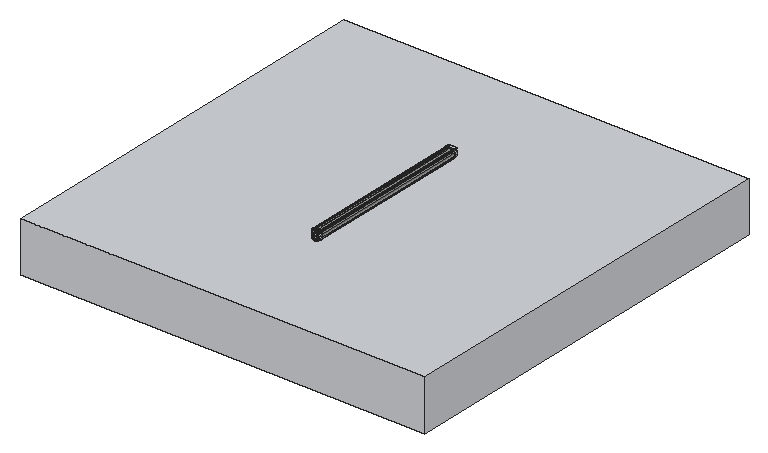
Revit family "L-trade_body", category Обобщенные модели, Revit 2017
Family settings
  Основа = Грань
  Может служить основой для арматурных стержней = Нет
  Размер круглого соединителя = Использовать диаметр
  Тип детали = Нормальный
  При загрузке вырезать с полостями = Нет
  Общий = Нет
  Точка расчета площади = Нет
Parameters
  Тип торцевой крышки = Trade Easy Lock : Trade Easy Lock
  Расстояние от светильника до плоскости = 55.991 mm
  Default Elevation = 1219.2 mm
  Начало выдавливания = Длина профиля / 2 * (-1)  # -500 mm
  Конец выдавливания = Длина профиля / 2  # 500 mm
  Длина профиля = 1000 mm
Reference planes
  plane 1 "По центру (Вперед/Назад)": y = 0
  plane 2: z = 0
  plane 3 "По центру (Влево/Вправо)": x = 0
  plane 4 "Плоскость расположения светильника": z = 55.991
Forms (mm)
  Extrusion 1, solid
    sketch origin (0, 0, 0) x (1, 0, 0) y (0, 1, 0)
      loop
        line (-1219.2, 1219.2) -> (-1219.2, -1219.2) -> (1219.2, -1219.2) -> (1219.2, 1219.2) -> (-1219.2, 1219.2)
    from 0 to -304.8
  Extrusion 2, solid, material "Алюминий"
    sketch origin (-0.012, 0, 76.46) x (0, 0, 1) y (1, 0, 0)
      loop
        arc (-59.25, -24.005) -> (-52.269, -20.15) -> (-45.287, -24.005) r 8.25
        arc (-45.287, -24.005) -> (-39.588, -21.546) -> (-34.671, -17.758) r 25
        arc (-34.671, -17.758) -> (-33.593, -19.381) -> (-31.769, -20) r 3
        line (-31.769, -20) -> (-31.747, -18.485)
        arc (-31.747, -18.485) -> (-32.827, -15.957) -> (-30.283, -17) r 1.486
        line (-30.283, -17) -> (-28.946, -18.017)
        arc (-28.946, -18.017) -> (-28.836, -17.633) -> (-28.778, -17.238) r 3
        arc (-28.778, -17.238) -> (-28.264, -17.566) -> (-27.736, -17.872) r 15
        arc (-27.736, -17.872) -> (-28.629, -21.6) -> (-25.469, -23.771) r 3.385
        line (-25.469, -23.771) -> (-20.469, -23.771) -> (-20.469, -21.96) -> (-20.469, -18.959) -> (-21.47, -18.959) -> (-21.47, -21.96) -> (-25.469, -21.96)
        arc (-25.469, -21.96) -> (-26.945, -20.195) -> (-24.946, -19.054) r 1.5
        line (-24.946, -19.054) -> (-24.946, -17.462)
        arc (-24.946, -17.462) -> (-28.28, -15.733) -> (-31.007, -13.151) r 13.477
        arc (-31.007, -13.151) -> (-31.597, -12.352) -> (-32.126, -11.512) r 13.477
        arc (-32.126, -11.512) -> (-33.542, -8.026) -> (-33.938, -4.283) r 13.477
        line (-33.938, -4.283) -> (-34.93, -4.283) -> (-34.93, -5.255) -> (-36.043, -5.255) -> (-36.043, 0) -> (-36.043, 5.255) -> (-34.93, 5.255) -> (-34.93, 4.283) -> (-33.938, 4.283)
        arc (-33.938, 4.283) -> (-33.542, 8.026) -> (-32.126, 11.512) r 13.477
        arc (-32.126, 11.512) -> (-31.597, 12.352) -> (-31.007, 13.151) r 13.477
        arc (-31.007, 13.151) -> (-28.28, 15.733) -> (-24.946, 17.462) r 13.477
        line (-24.946, 17.462) -> (-24.946, 19.054)
        arc (-24.946, 19.054) -> (-26.945, 20.195) -> (-25.469, 21.96) r 1.5
        line (-25.469, 21.96) -> (-21.47, 21.96) -> (-21.47, 18.959) -> (-20.469, 18.959) -> (-20.469, 21.96) -> (-20.469, 23.771) -> (-25.469, 23.771)
        arc (-25.469, 23.771) -> (-28.629, 21.6) -> (-27.736, 17.872) r 3.385
        arc (-27.736, 17.872) -> (-28.264, 17.566) -> (-28.778, 17.238) r 15
        arc (-28.778, 17.238) -> (-28.836, 17.633) -> (-28.946, 18.017) r 3
        line (-28.946, 18.017) -> (-30.283, 17)
        arc (-30.283, 17) -> (-32.819, 15.949) -> (-31.769, 18.486) r 1.486
        line (-31.769, 18.486) -> (-31.769, 20)
        arc (-31.769, 20) -> (-33.603, 19.374) -> (-34.671, 17.758) r 3
        arc (-34.671, 17.758) -> (-39.588, 21.546) -> (-45.287, 24.005) r 25
        arc (-45.287, 24.005) -> (-52.269, 20.15) -> (-59.25, 24.005) r 8.25
        arc (-59.25, 24.005) -> (-64.079, 22.034) -> (-68.395, 19.104) r 25
        line (-68.395, 19.104) -> (-69.102, 17.807)
        arc (-69.102, 17.807) -> (-68.597, 17.356) -> (-68.344, 16.728) r 1.489
        arc (-68.344, 16.728) -> (-68.731, 15.48) -> (-69.953, 15.017) r 1.489
        arc (-69.953, 15.017) -> (-71.216, 15.994) -> (-70.869, 17.553) r 1.489
        line (-70.869, 17.553) -> (-71.913, 18.598)
        arc (-71.913, 18.598) -> (-72.763, 16.832) -> (-72.327, 14.922) r 2.966
        arc (-72.327, 14.922) -> (-75.219, 9.913) -> (-76.883, 4.375) r 25
        line (-76.883, 4.375) -> (-76.883, 2.61) -> (-75.101, 2.61) -> (-75.101, 4.112) -> (-71.169, 4.112) -> (-71.169, 0) -> (-71.169, -4.112) -> (-75.101, -4.112) -> (-75.101, -2.61) -> (-76.883, -2.61) -> (-76.883, -4.375)
        arc (-76.883, -4.375) -> (-75.219, -9.913) -> (-72.327, -14.922) r 25
        arc (-72.327, -14.922) -> (-72.763, -16.832) -> (-71.913, -18.598) r 2.966
        line (-71.913, -18.598) -> (-70.869, -17.553)
        arc (-70.869, -17.553) -> (-71.216, -15.994) -> (-69.953, -15.017) r 1.489
        arc (-69.953, -15.017) -> (-68.731, -15.48) -> (-68.344, -16.728) r 1.489
        arc (-68.344, -16.728) -> (-68.597, -17.356) -> (-69.102, -17.807) r 1.489
        line (-69.102, -17.807) -> (-68.395, -19.104)
        arc (-68.395, -19.104) -> (-64.079, -22.034) -> (-59.25, -24.005) r 25
      loop
        arc (-59.931, -21.898) -> (-52.269, -18.35) -> (-44.606, -21.898) r 10.05
        arc (-44.606, -21.898) -> (-38.092, -18.365) -> (-33.024, -12.957) r 23.2
        arc (-33.024, -12.957) -> (-34.527, -9.982) -> (-35.335, -6.748) r 15
        line (-35.335, -6.748) -> (-37.561, -6.748) -> (-37.561, 0) -> (-37.561, 6.748) -> (-35.335, 6.748)
        arc (-35.335, 6.748) -> (-34.527, 9.982) -> (-33.024, 12.957) r 15
        arc (-33.024, 12.957) -> (-38.092, 18.365) -> (-44.606, 21.898) r 23.2
        arc (-44.606, 21.898) -> (-52.269, 18.35) -> (-59.931, 21.898) r 10.05
        arc (-59.931, 21.898) -> (-63.725, 20.174) -> (-67.149, 17.799) r 23.2
        arc (-67.149, 17.799) -> (-67.655, 14.468) -> (-70.949, 13.759) r 2.966
        arc (-70.949, 13.759) -> (-73.267, 9.864) -> (-74.784, 5.594) r 23.2
        line (-74.784, 5.594) -> (-69.669, 5.594) -> (-69.669, 0) -> (-69.669, -5.594) -> (-74.784, -5.594)
        arc (-74.784, -5.594) -> (-73.267, -9.864) -> (-70.949, -13.759) r 23.2
        arc (-70.949, -13.759) -> (-67.655, -14.468) -> (-67.149, -17.799) r 2.966
        arc (-67.149, -17.799) -> (-63.725, -20.174) -> (-59.931, -21.898) r 23.2
    from -500 <- "Начало выдавливания" to 500 <- "Конец выдавливания"
  Extrusion 3, solid, material "Стекло, прозрачное остекление"
    sketch origin (-0.012, 0.083, 76.46) x (-1, 0, 0) y (0, 0, -1)
      loop
        line (21.96, 21.47) -> (21.96, 24.47) -> (-21.96, 24.47) -> (-21.96, 21.47) -> (21.96, 21.47)
    from -500 <- "Начало выдавливания" to 500 <- "Конец выдавливания"
Dimensions and locks
  "Расстояние от светильника до плоскости": plane 4 "Плоскость расположения светильника" to Extrusion 1
  aligned and locked: plane 2 to Extrusion 1
  aligned and locked: level to Extrusion 1
Automatic sketch dimensions
  Extrusion 1 sketch curve to Extrusion 1 sketch curve = 2438.4 mm  (x2)
  Extrusion 2 sketch curve to Extrusion 2 sketch curve = 0 mm  (x233)
  Extrusion 2 sketch curve to plane 4 "Плоскость расположения светильника" = 0 mm  (x4)
  Extrusion 2 sketch curve to Extrusion 2 sketch curve = 1.002 mm
  Extrusion 2 sketch curve to plane 4 "Плоскость расположения светильника" = 1.002 mm
  Extrusion 2 sketch curve to Extrusion 2 sketch curve = 3.475 mm  (x2)
  Extrusion 2 sketch curve to Extrusion 2 sketch curve = 0.523 mm  (x2)
  Extrusion 2 sketch curve to Extrusion 2 sketch curve = 4.001 mm  (x2)
  Extrusion 2 sketch curve to Extrusion 2 sketch curve = 1.337 mm  (x2)
  Extrusion 2 sketch curve to Extrusion 2 sketch curve = 1.486 mm  (x2)
  plane 3 "По центру (Влево/Вправо)" to Extrusion 2 sketch curve = 4.272 mm
  Extrusion 2 sketch curve to Extrusion 2 sketch curve = 2.169 mm
  Extrusion 2 sketch curve to plane 3 "По центру (Влево/Вправо)" = 4.295 mm
  Extrusion 2 sketch curve to Extrusion 2 sketch curve = 0.992 mm  (x2)
  Extrusion 2 sketch curve to Extrusion 2 sketch curve = 0.405 mm  (x2)
  Extrusion 2 sketch curve to Extrusion 2 sketch curve = 1.113 mm
  Extrusion 2 sketch curve to Extrusion 2 sketch curve = 1.518 mm
  Extrusion 2 sketch curve to plane 3 "По центру (Влево/Вправо)" = 0.012 mm  (x5)
  Extrusion 2 sketch curve to Extrusion 2 sketch curve = 14.707 mm
  Extrusion 2 sketch curve to Extrusion 2 sketch curve = 20.5 mm  (x2)
  Extrusion 2 sketch curve to Extrusion 2 sketch curve = 16.126 mm  (x2)
  Extrusion 2 sketch curve to Extrusion 2 sketch curve = 0.708 mm  (x2)
  plane 3 "По центру (Влево/Вправо)" to Extrusion 2 sketch curve = 5.582 mm
  Extrusion 2 sketch curve to Extrusion 2 sketch curve = 0.566 mm
  Extrusion 2 sketch curve to Extrusion 2 sketch curve = 0.713 mm  (x2)
  Extrusion 2 sketch curve to Extrusion 2 sketch curve = 1.053 mm  (x3)
  Extrusion 2 sketch curve to Extrusion 2 sketch curve = 1.5 mm
  Extrusion 2 sketch curve to Extrusion 2 sketch curve = 1.045 mm  (x4)
  Extrusion 2 sketch curve to plane 3 "По центру (Влево/Вправо)" = 18.609 mm
  Extrusion 2 sketch curve to Extrusion 2 sketch curve = 3.615 mm  (x2)
  Extrusion 2 sketch curve to Extrusion 2 sketch curve = 0.317 mm  (x2)
  Extrusion 2 sketch curve to Extrusion 2 sketch curve = 1.782 mm  (x2)
  Extrusion 2 sketch curve to plane 3 "По центру (Влево/Вправо)" = 18.971 mm
  Extrusion 2 sketch curve to Extrusion 2 sketch curve = 0.095 mm
  Extrusion 2 sketch curve to Extrusion 2 sketch curve = 0.506 mm
  Extrusion 2 sketch curve to Extrusion 2 sketch curve = 1.331 mm  (x2)
  Extrusion 2 sketch curve to Extrusion 2 sketch curve = 0.075 mm  (x2)
  Extrusion 2 sketch curve to Extrusion 2 sketch curve = 1.81 mm  (x2)
  Extrusion 2 sketch curve to Extrusion 2 sketch curve = 9.296 mm  (x2)
  Extrusion 2 sketch curve to Extrusion 2 sketch curve = 1.037 mm
  Extrusion 2 sketch curve to Extrusion 2 sketch curve = 1.297 mm  (x2)
  Extrusion 2 sketch curve to Extrusion 2 sketch curve = 1.593 mm  (x2)
  Extrusion 2 sketch curve to Extrusion 2 sketch curve = 1.017 mm  (x2)
  Extrusion 2 sketch curve to Extrusion 2 sketch curve = 2.464 mm
  Extrusion 2 sketch curve to plane 3 "По центру (Влево/Вправо)" = 5.606 mm
  Extrusion 2 sketch curve to Extrusion 2 sketch curve = 0.971 mm  (x2)
  Extrusion 2 sketch curve to Extrusion 2 sketch curve = 1.219 mm
  Extrusion 2 sketch curve to Extrusion 2 sketch curve = 1.482 mm  (x2)
  Extrusion 2 sketch curve to Extrusion 2 sketch curve = 1.502 mm
  plane 3 "По центру (Влево/Вправо)" to Extrusion 2 sketch curve = 2.598 mm
  Extrusion 2 sketch curve to Extrusion 2 sketch curve = 1.765 mm
  plane 3 "По центру (Влево/Вправо)" to Extrusion 2 sketch curve = 4.738 mm
  Extrusion 2 sketch curve to Extrusion 2 sketch curve = 1.493 mm
  Extrusion 2 sketch curve to Extrusion 2 sketch curve = 10.906 mm
  Extrusion 2 sketch curve to Extrusion 2 sketch curve = 0.462 mm
  Extrusion 2 sketch curve to Extrusion 2 sketch curve = 1.497 mm
  Extrusion 2 sketch curve to Extrusion 2 sketch curve = 1.514 mm
  Extrusion 2 sketch curve to Extrusion 2 sketch curve = 1.21 mm  (x2)
  Extrusion 2 sketch curve to Extrusion 2 sketch curve = 0.724 mm  (x2)
  Extrusion 2 sketch curve to Extrusion 2 sketch curve = 0.024 mm  (x2)
  Extrusion 2 sketch curve to Extrusion 2 sketch curve = 0.021 mm
  Extrusion 2 sketch curve to Extrusion 2 sketch curve = 1.119 mm  (x2)
  Extrusion 2 sketch curve to Extrusion 2 sketch curve = 0.898 mm  (x2)
  Extrusion 2 sketch curve to Extrusion 2 sketch curve = 2.903 mm  (x2)
  Extrusion 2 sketch curve to Extrusion 2 sketch curve = 7.663 mm  (x2)
  Extrusion 2 sketch curve to Extrusion 2 sketch curve = 0.681 mm  (x4)
  Extrusion 2 sketch curve to Extrusion 2 sketch curve = 6.982 mm
  Extrusion 2 sketch curve to Extrusion 2 sketch curve = 1.246 mm  (x2)
  Extrusion 2 sketch curve to Extrusion 2 sketch curve = 0.758 mm  (x2)
  Extrusion 2 sketch curve to Extrusion 2 sketch curve = 0.137 mm  (x2)
  Extrusion 3 sketch curve to plane 4 "Плоскость расположения светильника" = 1.002 mm
  plane 3 "По центру (Влево/Вправо)" to Extrusion 3 sketch curve = 21.949 mm
  Extrusion 3 sketch curve to plane 4 "Плоскость расположения светильника" = 4.002 mm
  Extrusion 3 sketch curve to plane 3 "По центру (Влево/Вправо)" = 21.972 mm
Nested families
  nested 1: "Trade Easy Lock" at (0.555, 0.024, 0), type <- "Тип торцевой крышки", type "Trade Easy Lock"
    with Начало профиля 500 mm, Конец профиля 500 mm, Длина профиля 1000 mm
  nested 2: "Trade Easy Lock" at (0.452, 0, 0), type <- "Тип торцевой крышки", type "Trade Easy Lock"
    with Начало профиля 500 mm, Конец профиля 500 mm, Длина профиля 1000 mm
Definition of nested family "Trade Easy Lock"
  Parameters (values of type "Trade Easy Lock")
    Расстояние до плоскости = 55.991 mm
    Default Elevation = 1219.2 mm
    Начало профиля = 249.976 mm
    Конец профиля = Начало профиля  # 249.976 mm
    Длина профиля = Начало профиля * 2  # 499.952 mm
  Reference planes
    plane 1 "По центру (Вперед/Назад)": y = 0
    plane 2: z = 0
    plane 3 "По центру (Влево/Вправо)": x = 0
    plane 4 "Плоскость светильника": z = 55.991
  Forms (mm)
    Extrusion 1, solid
      sketch origin (0, 0, 0) x (1, 0, 0) y (0, 1, 0)
        loop
          line (-1219.2, 1219.2) -> (-1219.2, -1219.2) -> (1219.2, -1219.2) -> (1219.2, 1219.2) -> (-1219.2, 1219.2)
      from 0 to -304.8
    Extrusion 2, solid
      sketch origin (-19.367, -249.976, 55.991) x (1, 0, 0) y (0, 0, 1)
        loop
          arc (33.722, -51.859) -> (35.632, -52.295) -> (37.398, -51.445) r 2.966
          arc (37.398, -51.445) -> (38.236, -49.77) -> (37.904, -47.926) r 2.966
          arc (37.904, -47.926) -> (40.834, -43.611) -> (42.805, -38.782) r 25
          arc (42.805, -38.782) -> (38.95, -31.8) -> (42.805, -24.818) r 8.25
          arc (42.805, -24.818) -> (40.346, -19.12) -> (36.558, -14.203) r 25
          arc (36.558, -14.203) -> (38.174, -13.134) -> (38.8, -11.3) r 3
          arc (38.8, -11.3) -> (38.255, -9.575) -> (36.817, -8.478) r 3
          arc (36.817, -8.478) -> (36.433, -8.368) -> (36.038, -8.309) r 3
          arc (36.038, -8.309) -> (36.366, -7.795) -> (36.672, -7.268) r 15
          arc (36.672, -7.268) -> (40.4, -8.16) -> (42.571, -5) r 3.385
          line (42.571, -5) -> (42.571, 0) -> (40.76, 0) -> (37.759, 0) -> (-0.159, 0) -> (-3.16, 0) -> (-4.971, 0) -> (-4.971, -5)
          arc (-4.971, -5) -> (-2.8, -8.16) -> (0.928, -7.268) r 3.385
          arc (0.928, -7.268) -> (1.234, -7.795) -> (1.562, -8.309) r 15
          arc (1.562, -8.309) -> (1.167, -8.368) -> (0.783, -8.478) r 3
          arc (0.783, -8.478) -> (-0.655, -9.575) -> (-1.2, -11.3) r 3
          arc (-1.2, -11.3) -> (-0.574, -13.134) -> (1.042, -14.203) r 3
          arc (1.042, -14.203) -> (-2.746, -19.12) -> (-5.205, -24.818) r 25
          arc (-5.205, -24.818) -> (-1.35, -31.8) -> (-5.205, -38.782) r 8.25
          arc (-5.205, -38.782) -> (-3.234, -43.611) -> (-0.304, -47.926) r 25
          arc (-0.304, -47.926) -> (-0.636, -49.77) -> (0.202, -51.445) r 2.966
          arc (0.202, -51.445) -> (1.968, -52.295) -> (3.878, -51.859) r 2.966
          arc (3.878, -51.859) -> (9.009, -54.803) -> (14.688, -56.46) r 25
          line (14.688, -56.46) -> (14.688, -50.7) -> (18.8, -50.7) -> (22.912, -50.7) -> (22.912, -56.46)
          arc (22.912, -56.46) -> (28.591, -54.803) -> (33.722, -51.859) r 25
      from 0 to 1.5
    Extrusion 3, solid
      sketch origin (18.233, 249.976, 55.991) x (-1, 0, 0) y (0, 0, 1)
        loop
          arc (3.884, -51.859) -> (9.014, -54.803) -> (14.693, -56.46) r 25
          line (14.693, -56.46) -> (14.693, -50.7) -> (18.805, -50.7) -> (22.917, -50.7) -> (22.917, -56.46)
          arc (22.917, -56.46) -> (28.596, -54.803) -> (33.727, -51.859) r 25
          arc (33.727, -51.859) -> (35.637, -52.295) -> (37.403, -51.445) r 2.966
          arc (37.403, -51.445) -> (38.241, -49.77) -> (37.909, -47.926) r 2.966
          arc (37.909, -47.926) -> (40.839, -43.611) -> (42.81, -38.782) r 25
          arc (42.81, -38.782) -> (38.955, -31.8) -> (42.81, -24.818) r 8.25
          arc (42.81, -24.818) -> (40.351, -19.12) -> (36.563, -14.203) r 25
          arc (36.563, -14.203) -> (38.179, -13.134) -> (38.805, -11.3) r 3
          arc (38.805, -11.3) -> (38.26, -9.575) -> (36.822, -8.478) r 3
          arc (36.822, -8.478) -> (36.438, -8.368) -> (36.043, -8.309) r 3
          arc (36.043, -8.309) -> (36.371, -7.795) -> (36.677, -7.268) r 15
          arc (36.677, -7.268) -> (40.405, -8.16) -> (42.576, -5) r 3.385
          line (42.576, -5) -> (42.576, 0) -> (40.765, 0) -> (37.764, 0) -> (-0.154, 0) -> (-3.155, 0) -> (-4.966, 0) -> (-4.966, -5)
          arc (-4.966, -5) -> (-2.795, -8.16) -> (0.933, -7.268) r 3.385
          arc (0.933, -7.268) -> (1.239, -7.795) -> (1.567, -8.309) r 15
          arc (1.567, -8.309) -> (1.172, -8.368) -> (0.788, -8.478) r 3
          arc (0.788, -8.478) -> (-0.65, -9.575) -> (-1.195, -11.3) r 3
          arc (-1.195, -11.3) -> (-0.569, -13.134) -> (1.047, -14.203) r 3
          arc (1.047, -14.203) -> (-2.741, -19.12) -> (-5.2, -24.818) r 25
          arc (-5.2, -24.818) -> (-1.345, -31.8) -> (-5.2, -38.782) r 8.25
          arc (-5.2, -38.782) -> (-3.229, -43.611) -> (-0.299, -47.926) r 25
          arc (-0.299, -47.926) -> (-0.631, -49.77) -> (0.207, -51.445) r 2.966
          arc (0.207, -51.445) -> (1.973, -52.295) -> (3.884, -51.859) r 2.966
      from 0 to 1.5
    Extrusion 4, solid
      sketch origin (0, -398.223, 55.991) x (0, -1, 0) y (1, 0, 0)
        loop
          line (-154.747, 18.233) -> (-154.747, -19.367) -> (-148.247, -19.367) -> (-148.247, 18.233) -> (-154.747, 18.233)
        loop
          line (-648.199, -19.367) -> (-641.699, -19.367) -> (-641.699, 18.233) -> (-648.199, 18.233) -> (-648.199, -19.367)
      from 0 to -1
    Extrusion 5, solid
      sketch origin (-19.367, -251.476, 55.991) x (1, 0, 0) y (0, 0, 1)
        loop
          line (14.683, -50.7) -> (18.795, -50.7) -> (22.907, -50.7) -> (22.907, -56.46)
          arc (22.907, -56.46) -> (28.586, -54.803) -> (33.716, -51.859) r 25
          arc (33.716, -51.859) -> (33.841, -47.801) -> (37.899, -47.926) r 2.87
          arc (37.899, -47.926) -> (40.829, -43.611) -> (42.8, -38.782) r 25
          arc (42.8, -38.782) -> (38.945, -31.8) -> (42.8, -24.818) r 8.25
          arc (42.8, -24.818) -> (40.341, -19.12) -> (36.553, -14.203) r 25
          arc (36.553, -14.203) -> (35.866, -10.39) -> (39.18, -8.385) r 3.418
          arc (39.18, -8.385) -> (41.574, -7.394) -> (42.566, -5) r 3.385
          line (42.566, -5) -> (42.566, 0) -> (40.755, 0) -> (18.795, 0) -> (-3.165, 0) -> (-4.976, 0) -> (-4.976, -5)
          arc (-4.976, -5) -> (-3.984, -7.394) -> (-1.59, -8.385) r 3.385
          arc (-1.59, -8.385) -> (1.724, -10.39) -> (1.037, -14.203) r 3.418
          arc (1.037, -14.203) -> (-2.751, -19.12) -> (-5.21, -24.818) r 25
          arc (-5.21, -24.818) -> (-1.355, -31.8) -> (-5.21, -38.782) r 8.25
          arc (-5.21, -38.782) -> (-3.239, -43.611) -> (-0.309, -47.926) r 25
          arc (-0.309, -47.926) -> (3.749, -47.801) -> (3.873, -51.859) r 2.87
          arc (3.873, -51.859) -> (9.004, -54.803) -> (14.683, -56.46) r 25
          line (14.683, -56.46) -> (14.683, -50.7)
      from 0 to 18
    Extrusion 6, solid
      sketch origin (18.233, 251.476, 55.991) x (-1, 0, 0) y (0, 0, 1)
        loop
          line (22.808, -50.7) -> (22.808, -56.46)
          arc (22.808, -56.46) -> (28.487, -54.803) -> (33.618, -51.859) r 25
          arc (33.618, -51.859) -> (33.743, -47.801) -> (37.8, -47.926) r 2.87
          arc (37.8, -47.926) -> (40.731, -43.611) -> (42.702, -38.782) r 25
          arc (42.702, -38.782) -> (38.847, -31.8) -> (42.702, -24.818) r 8.25
          arc (42.702, -24.818) -> (40.242, -19.12) -> (36.454, -14.203) r 25
          arc (36.454, -14.203) -> (35.767, -10.39) -> (39.082, -8.385) r 3.418
          arc (39.082, -8.385) -> (41.476, -7.394) -> (42.467, -5) r 3.385
          line (42.467, -5) -> (42.467, 0) -> (40.657, 0) -> (18.696, 0) -> (-3.264, 0) -> (-5.074, 0) -> (-5.074, -5)
          arc (-5.074, -5) -> (-4.083, -7.394) -> (-1.689, -8.385) r 3.385
          arc (-1.689, -8.385) -> (1.626, -10.39) -> (0.939, -14.203) r 3.418
          arc (0.939, -14.203) -> (-2.849, -19.12) -> (-5.309, -24.818) r 25
          arc (-5.309, -24.818) -> (-1.454, -31.8) -> (-5.309, -38.782) r 8.25
          arc (-5.309, -38.782) -> (-3.338, -43.611) -> (-0.407, -47.926) r 25
          arc (-0.407, -47.926) -> (3.65, -47.801) -> (3.775, -51.859) r 2.87
          arc (3.775, -51.859) -> (8.906, -54.803) -> (14.585, -56.46) r 25
          line (14.585, -56.46) -> (14.585, -50.7) -> (18.696, -50.7) -> (22.808, -50.7)
      from 0 to 18
    Extrusion 7, void
      sketch origin (-19.367, -269.476, 55.991) x (-1, 0, 0) y (0, 0, 1)
        loop
          line (-24.215, -49.573) -> (-18.904, -49.573) -> (-13.592, -49.573) -> (-13.592, -55.073)
          arc (-13.592, -55.073) -> (-9.442, -53.712) -> (-5.612, -51.616) r 23.8
          arc (-5.612, -51.616) -> (-4.679, -47) -> (-0.015, -46.353) r 4.07
          arc (-0.015, -46.353) -> (2.136, -43) -> (3.697, -39.334) r 23.8
          arc (3.697, -39.334) -> (0.047, -31.873) -> (3.697, -24.413) r 9.45
          arc (3.697, -24.413) -> (1.388, -19.437) -> (-1.998, -15.121) r 23.8
          arc (-1.998, -15.121) -> (-2.935, -9.989) -> (1.511, -7.259) r 4.618
          arc (1.511, -7.259) -> (3.037, -6.609) -> (3.667, -5.073) r 2.185
          line (3.667, -5.073) -> (3.667, -1.273) -> (-18.904, -1.273) -> (-41.474, -1.273) -> (-41.474, -5.073)
          arc (-41.474, -5.073) -> (-40.844, -6.609) -> (-39.318, -7.259) r 2.185
          arc (-39.318, -7.259) -> (-34.872, -9.989) -> (-35.809, -15.121) r 4.618
          arc (-35.809, -15.121) -> (-39.196, -19.437) -> (-41.504, -24.413) r 23.8
          arc (-41.504, -24.413) -> (-37.854, -31.873) -> (-41.504, -39.334) r 9.45
          arc (-41.504, -39.334) -> (-39.943, -43) -> (-37.792, -46.353) r 23.8
          arc (-37.792, -46.353) -> (-33.128, -47) -> (-32.195, -51.616) r 4.07
          arc (-32.195, -51.616) -> (-28.365, -53.712) -> (-24.215, -55.073) r 23.8
          line (-24.215, -55.073) -> (-24.215, -49.573)
        loop
          line (-18.904, -19.373) -> (-28.304, -19.373)
          arc (-28.304, -19.373) -> (-31.839, -20.838) -> (-33.304, -24.373) r 5
          line (-33.304, -24.373) -> (-33.304, -31.213)
          arc (-33.304, -31.213) -> (-32.96, -32.942) -> (-31.98, -34.407) r 4.518
          line (-31.98, -34.407) -> (-27.334, -39.054)
          arc (-27.334, -39.054) -> (-25.872, -40.03) -> (-24.148, -40.373) r 4.506
          line (-24.148, -40.373) -> (-18.904, -40.373) -> (-13.659, -40.373)
          arc (-13.659, -40.373) -> (-11.935, -40.03) -> (-10.473, -39.054) r 4.506
          line (-10.473, -39.054) -> (-5.827, -34.407)
          arc (-5.827, -34.407) -> (-4.847, -32.942) -> (-4.504, -31.213) r 4.518
          line (-4.504, -31.213) -> (-4.504, -24.373)
          arc (-4.504, -24.373) -> (-5.968, -20.838) -> (-9.504, -19.373) r 5
          line (-9.504, -19.373) -> (-18.904, -19.373)
        loop
          line (-24.579, -30.813) -> (-24.579, -25.813) -> (-27.035, -25.813) -> (-27.035, -30.813) -> (-24.579, -30.813)
        loop
          line (-20.107, -34.85) -> (-17.651, -34.85) -> (-17.651, -29.85) -> (-20.107, -29.85) -> (-20.107, -34.85)
        loop
          line (-13.179, -30.813) -> (-10.723, -30.813) -> (-10.723, -25.813) -> (-13.179, -25.813) -> (-13.179, -30.813)
      from 0 to 15
    Extrusion 8, void
      sketch origin (18.233, 269.476, 55.991) x (1, 0, 0) y (0, 0, 1)
        loop
          line (-13.385, -49.321) -> (-13.385, -54.82)
          arc (-13.385, -54.82) -> (-9.235, -53.459) -> (-5.405, -51.363) r 23.8
          arc (-5.405, -51.363) -> (-4.472, -46.748) -> (0.192, -46.101) r 4.07
          arc (0.192, -46.101) -> (2.343, -42.747) -> (3.904, -39.081) r 23.8
          arc (3.904, -39.081) -> (0.254, -31.621) -> (3.904, -24.16) r 9.45
          arc (3.904, -24.16) -> (1.596, -19.184) -> (-1.791, -14.868) r 23.8
          arc (-1.791, -14.868) -> (-2.728, -9.736) -> (1.718, -7.006) r 4.618
          arc (1.718, -7.006) -> (3.244, -6.356) -> (3.874, -4.821) r 2.185
          line (3.874, -4.821) -> (3.874, -1.021) -> (-18.696, -1.021) -> (-41.267, -1.021) -> (-41.267, -4.821)
          arc (-41.267, -4.821) -> (-40.637, -6.356) -> (-39.111, -7.006) r 2.185
          arc (-39.111, -7.006) -> (-34.665, -9.736) -> (-35.602, -14.868) r 4.618
          arc (-35.602, -14.868) -> (-38.988, -19.184) -> (-41.297, -24.16) r 23.8
          arc (-41.297, -24.16) -> (-37.647, -31.621) -> (-41.297, -39.081) r 9.45
          arc (-41.297, -39.081) -> (-39.736, -42.747) -> (-37.585, -46.101) r 23.8
          arc (-37.585, -46.101) -> (-32.921, -46.748) -> (-31.988, -51.363) r 4.07
          arc (-31.988, -51.363) -> (-28.158, -53.459) -> (-24.008, -54.82) r 23.8
          line (-24.008, -54.82) -> (-24.008, -49.321) -> (-18.696, -49.321) -> (-13.385, -49.321)
        loop
          line (-18.696, -19.121) -> (-28.096, -19.121)
          arc (-28.096, -19.121) -> (-31.632, -20.585) -> (-33.096, -24.121) r 5
          line (-33.096, -24.121) -> (-33.096, -30.96)
          arc (-33.096, -30.96) -> (-32.753, -32.689) -> (-31.773, -34.155) r 4.518
          line (-31.773, -34.155) -> (-27.127, -38.801)
          arc (-27.127, -38.801) -> (-25.665, -39.778) -> (-23.941, -40.121) r 4.506
          line (-23.941, -40.121) -> (-18.696, -40.121) -> (-13.452, -40.121)
          arc (-13.452, -40.121) -> (-11.728, -39.778) -> (-10.266, -38.801) r 4.506
          line (-10.266, -38.801) -> (-5.62, -34.155)
          arc (-5.62, -34.155) -> (-4.64, -32.689) -> (-4.296, -30.96) r 4.518
          line (-4.296, -30.96) -> (-4.296, -24.121)
          arc (-4.296, -24.121) -> (-5.761, -20.585) -> (-9.296, -19.121) r 5
          line (-9.296, -19.121) -> (-18.696, -19.121)
        loop
          line (-13.021, -30.56) -> (-10.565, -30.56) -> (-10.565, -25.56) -> (-13.021, -25.56) -> (-13.021, -30.56)
        loop
          line (-17.493, -34.597) -> (-17.493, -29.597) -> (-19.949, -29.597) -> (-19.949, -34.597) -> (-17.493, -34.597)
        loop
          line (-24.421, -30.56) -> (-24.421, -25.56) -> (-26.877, -25.56) -> (-26.877, -30.56) -> (-24.421, -30.56)
        loop
          arc (-25.713, -37.387) -> (-24.9, -37.93) -> (-23.941, -38.121) r 2.506
          line (-23.941, -38.121) -> (-18.696, -38.121) -> (-13.452, -38.121)
          arc (-13.452, -38.121) -> (-12.493, -37.93) -> (-11.68, -37.387) r 2.506
          line (-11.68, -37.387) -> (-7.034, -32.74)
          arc (-7.034, -32.74) -> (-6.488, -31.923) -> (-6.296, -30.96) r 2.518
          line (-6.296, -30.96) -> (-6.296, -24.121)
          arc (-6.296, -24.121) -> (-7.175, -21.999) -> (-9.296, -21.121) r 3
          line (-9.296, -21.121) -> (-18.696, -21.121) -> (-28.096, -21.121)
          arc (-28.096, -21.121) -> (-30.218, -21.999) -> (-31.096, -24.121) r 3
          line (-31.096, -24.121) -> (-31.096, -30.96)
          arc (-31.096, -30.96) -> (-30.905, -31.923) -> (-30.359, -32.74) r 2.518
          line (-30.359, -32.74) -> (-25.713, -37.387)
      from 0 to 15
  Cuts and joins
    Extrusion 7 cuts Extrusion 5
    Extrusion 8 cuts Extrusion 6
  Dimensions and locks
    "Расстояние до плоскости": plane 4 "Плоскость светильника" to Extrusion 1
    "Конец профиля": plane 1 "По центру (Вперед/Назад)" to Extrusion 4
    "Начало профиля": Extrusion 4 to plane 1 "По центру (Вперед/Назад)"
    aligned and locked: plane 2 to Extrusion 1
    aligned and locked: level to Extrusion 1
  Automatic sketch dimensions
    Extrusion 1 sketch curve to Extrusion 1 sketch curve = 2438.4 mm  (x2)
    Extrusion 4 sketch curve to plane 3 "По центру (Влево/Вправо)" = 19.367 mm  (x2)
    plane 1 "По центру (Вперед/Назад)" to Extrusion 4 sketch curve = 243.476 mm
    Extrusion 4 sketch curve to Extrusion 4 sketch curve = 6.5 mm  (x2)
    plane 3 "По центру (Влево/Вправо)" to Extrusion 4 sketch curve = 18.233 mm  (x2)
    Extrusion 4 sketch curve to plane 1 "По центру (Вперед/Назад)" = 243.476 mm
    Extrusion 2 sketch curve to Extrusion 2 sketch curve = 0 mm  (x46)
    Extrusion 2 sketch curve to Extrusion 4 = 0 mm  (x3)
    Extrusion 2 sketch curve to Extrusion 4 = 9.6 mm
    Extrusion 2 sketch curve to Extrusion 4 = 4.971 mm
    Extrusion 2 sketch curve to Extrusion 2 sketch curve = 1.81 mm
    Extrusion 2 sketch curve to Extrusion 4 = 1.585 mm
    Extrusion 2 sketch curve to Extrusion 4 = 0.159 mm
    Extrusion 4 to Extrusion 2 sketch curve = 1.8 mm
    Extrusion 4 to Extrusion 2 sketch curve = 2.3 mm
    Extrusion 4 to Extrusion 2 sketch curve = 14.05 mm
    Extrusion 2 sketch curve to Extrusion 2 sketch curve = 12.388 mm
    Extrusion 4 to Extrusion 2 sketch curve = 18.8 mm
    Extrusion 2 sketch curve to Extrusion 2 sketch curve = 4.112 mm  (x2)
    Extrusion 2 sketch curve to Extrusion 2 sketch curve = 9.5 mm
    Extrusion 2 sketch curve to Extrusion 4 = 2.3 mm
    Extrusion 2 sketch curve to Extrusion 4 = 1.8 mm
    Extrusion 4 to Extrusion 2 sketch curve = 0.159 mm
    Extrusion 4 to Extrusion 2 sketch curve = 1.585 mm
    Extrusion 2 sketch curve to Extrusion 2 sketch curve = 3.001 mm
    Extrusion 2 sketch curve to Extrusion 2 sketch curve = 3.385 mm
    Extrusion 4 to Extrusion 2 sketch curve = 9.6 mm
    Extrusion 2 sketch curve to Extrusion 4 = 4 mm  (x2)
    Extrusion 2 sketch curve to Extrusion 2 sketch curve = 6.3 mm  (x2)
    Extrusion 2 sketch curve to Extrusion 2 sketch curve = 20.5 mm  (x3)
    Extrusion 2 sketch curve to Extrusion 2 sketch curve = 17.547 mm  (x2)
    Extrusion 2 sketch curve to Extrusion 2 sketch curve = 1.353 mm
    Extrusion 2 sketch curve to Extrusion 2 sketch curve = 5.76 mm  (x2)
    Extrusion 2 sketch curve to Extrusion 4 = 5.205 mm  (x2)
    Extrusion 2 sketch curve to Extrusion 4 = 1.2 mm
    Extrusion 2 sketch curve to Extrusion 4 = 0.304 mm
    Extrusion 4 to Extrusion 2 sketch curve = 0.202 mm
    Extrusion 4 to Extrusion 2 sketch curve = 0.783 mm
    Extrusion 4 to Extrusion 2 sketch curve = 0.928 mm
    Extrusion 4 to Extrusion 2 sketch curve = 1.042 mm
    Extrusion 2 sketch curve to Extrusion 2 sketch curve = 1.578 mm
    Extrusion 2 sketch curve to Extrusion 4 = 1.562 mm
    Extrusion 2 sketch curve to Extrusion 4 = 1.042 mm
    Extrusion 2 sketch curve to Extrusion 4 = 0.928 mm
    Extrusion 2 sketch curve to Extrusion 4 = 0.783 mm
    Extrusion 2 sketch curve to Extrusion 4 = 0.202 mm
    Extrusion 4 to Extrusion 2 sketch curve = 0.304 mm
    Extrusion 4 to Extrusion 2 sketch curve = 5.205 mm
    Extrusion 3 sketch curve to Extrusion 3 sketch curve = 0 mm  (x46)
    Extrusion 3 sketch curve to Extrusion 4 = 0 mm  (x3)
    Extrusion 3 sketch curve to Extrusion 4 = 9.595 mm
    Extrusion 3 sketch curve to Extrusion 4 = 4.966 mm
    Extrusion 3 sketch curve to Extrusion 3 sketch curve = 1.81 mm  (x2)
    Extrusion 3 sketch curve to Extrusion 4 = 1.58 mm
    Extrusion 3 sketch curve to Extrusion 4 = 0.154 mm
    Extrusion 4 to Extrusion 3 sketch curve = 1.805 mm
    Extrusion 4 to Extrusion 3 sketch curve = 2.305 mm
    Extrusion 4 to Extrusion 3 sketch curve = 14.055 mm
    Extrusion 3 sketch curve to Extrusion 3 sketch curve = 12.388 mm
    Extrusion 3 sketch curve to Extrusion 4 = 18.795 mm
    Extrusion 3 sketch curve to Extrusion 3 sketch curve = 4.112 mm  (x2)
    Extrusion 3 sketch curve to Extrusion 3 sketch curve = 9.5 mm
    Extrusion 3 sketch curve to Extrusion 4 = 2.295 mm
    Extrusion 3 sketch curve to Extrusion 4 = 1.795 mm
    Extrusion 4 to Extrusion 3 sketch curve = 0.164 mm
    Extrusion 4 to Extrusion 3 sketch curve = 1.59 mm
    Extrusion 3 sketch curve to Extrusion 3 sketch curve = 3.001 mm
    Extrusion 4 to Extrusion 3 sketch curve = 9.605 mm
    Extrusion 3 sketch curve to Extrusion 4 = 4 mm  (x2)
    Extrusion 3 sketch curve to Extrusion 3 sketch curve = 6.3 mm  (x2)
    Extrusion 3 sketch curve to Extrusion 3 sketch curve = 20.5 mm  (x3)
    Extrusion 3 sketch curve to Extrusion 3 sketch curve = 17.547 mm  (x2)
    Extrusion 3 sketch curve to Extrusion 3 sketch curve = 1.353 mm
    Extrusion 3 sketch curve to Extrusion 3 sketch curve = 5.76 mm  (x2)
    Extrusion 3 sketch curve to Extrusion 4 = 5.2 mm  (x2)
    Extrusion 3 sketch curve to Extrusion 4 = 1.195 mm
    Extrusion 3 sketch curve to Extrusion 4 = 0.299 mm
    Extrusion 4 to Extrusion 3 sketch curve = 0.207 mm
    Extrusion 4 to Extrusion 3 sketch curve = 0.788 mm
    Extrusion 4 to Extrusion 3 sketch curve = 0.933 mm
    Extrusion 4 to Extrusion 3 sketch curve = 1.047 mm
    Extrusion 3 sketch curve to Extrusion 3 sketch curve = 1.578 mm
    Extrusion 3 sketch curve to Extrusion 4 = 1.557 mm
    Extrusion 3 sketch curve to Extrusion 4 = 1.037 mm
    Extrusion 3 sketch curve to Extrusion 4 = 0.923 mm
    Extrusion 3 sketch curve to Extrusion 4 = 0.778 mm
    Extrusion 3 sketch curve to Extrusion 4 = 0.197 mm
    Extrusion 4 to Extrusion 3 sketch curve = 0.309 mm
    Extrusion 4 to Extrusion 3 sketch curve = 5.21 mm
    Extrusion 5 sketch curve to Extrusion 5 sketch curve = 0 mm  (x31)
    Extrusion 2 to Extrusion 5 sketch curve = 4.634 mm
    Extrusion 5 sketch curve to Extrusion 2 = 0 mm
    Extrusion 2 to Extrusion 5 sketch curve = 0.005 mm  (x2)
    Extrusion 5 sketch curve to Extrusion 5 sketch curve = 1.81 mm  (x2)
    Extrusion 5 sketch curve to Extrusion 5 sketch curve = 3.385 mm
    Extrusion 5 sketch curve to Extrusion 5 sketch curve = 0.2 mm
    Extrusion 5 sketch curve to Extrusion 2 = 0.808 mm  (x2)
    Extrusion 5 sketch curve to Extrusion 2 = 6.753 mm
    Extrusion 5 sketch curve to Extrusion 2 = 0.005 mm
    Extrusion 2 to Extrusion 5 sketch curve = 4.117 mm  (x3)
    Extrusion 2 to Extrusion 5 sketch curve = 0 mm
    Extrusion 5 sketch curve to Extrusion 2 = 6.763 mm
    Extrusion 5 sketch curve to Extrusion 2 = 3.591 mm
    Extrusion 5 sketch curve to Extrusion 2 = 3.39 mm
    Extrusion 5 sketch curve to Extrusion 2 = 1.815 mm
    Extrusion 2 to Extrusion 5 sketch curve = 4.624 mm
    Extrusion 5 sketch curve to Extrusion 5 sketch curve = 5.76 mm  (x2)
    Extrusion 5 sketch curve to Extrusion 2 = 18.9 mm  (x3)
    Extrusion 5 sketch curve to Extrusion 5 sketch curve = 11.797 mm  (x2)
    Extrusion 5 sketch curve to Extrusion 5 sketch curve = 5 mm  (x2)
    Extrusion 2 to Extrusion 5 sketch curve = 0.24 mm  (x2)
    Extrusion 5 sketch curve to Extrusion 2 = 2.774 mm
    Extrusion 5 sketch curve to Extrusion 5 sketch curve = 2.091 mm
    Extrusion 2 to Extrusion 5 sketch curve = 1.159 mm
    Extrusion 5 sketch curve to Extrusion 2 = 4.672 mm
    Extrusion 2 to Extrusion 5 sketch curve = 0.23 mm
    Extrusion 6 sketch curve to Extrusion 6 sketch curve = 0 mm  (x31)
    Extrusion 6 sketch curve to Extrusion 3 = 18.9 mm  (x3)
    Extrusion 3 to Extrusion 6 sketch curve = 4.738 mm
    Extrusion 6 sketch curve to Extrusion 6 sketch curve = 4.629 mm
    Extrusion 6 sketch curve to Extrusion 6 sketch curve = 1.81 mm  (x2)
    Extrusion 6 sketch curve to Extrusion 6 sketch curve = 3.385 mm
    Extrusion 6 sketch curve to Extrusion 6 sketch curve = 0.2 mm
    Extrusion 6 sketch curve to Extrusion 6 sketch curve = 11.387 mm
    Extrusion 6 sketch curve to Extrusion 6 sketch curve = 12.901 mm
    Extrusion 6 sketch curve to Extrusion 3 = 23.662 mm  (x2)
    Extrusion 6 sketch curve to Extrusion 6 sketch curve = 4.112 mm  (x2)
    Extrusion 6 sketch curve to Extrusion 3 = 40.675 mm
    Extrusion 6 sketch curve to Extrusion 3 = 43.847 mm
    Extrusion 6 sketch curve to Extrusion 3 = 44.048 mm
    Extrusion 6 sketch curve to Extrusion 6 sketch curve = 1.575 mm
    Extrusion 3 to Extrusion 6 sketch curve = 32.403 mm
    Extrusion 6 sketch curve to Extrusion 3 = 0.808 mm
    Extrusion 6 sketch curve to Extrusion 6 sketch curve = 18.092 mm
    Extrusion 6 sketch curve to Extrusion 6 sketch curve = 0.808 mm
    Extrusion 6 sketch curve to Extrusion 6 sketch curve = 5.76 mm  (x2)
    Extrusion 6 sketch curve to Extrusion 3 = 38.903 mm  (x2)
    Extrusion 6 sketch curve to Extrusion 6 sketch curve = 6.797 mm  (x2)
    Extrusion 6 sketch curve to Extrusion 6 sketch curve = 5 mm
    Extrusion 6 sketch curve to Extrusion 6 sketch curve = 4.395 mm  (x2)
    Extrusion 6 sketch curve to Extrusion 3 = 25.882 mm  (x2)
    Extrusion 6 sketch curve to Extrusion 6 sketch curve = 2.091 mm
    Extrusion 6 sketch curve to Extrusion 3 = 38.584 mm
    Extrusion 6 sketch curve to Extrusion 3 = 42.766 mm
    Extrusion 7 sketch curve to Extrusion 7 sketch curve = 0 mm  (x12)
    Extrusion 7 sketch curve to Extrusion 5 = 4.738 mm
    Extrusion 5 to Extrusion 7 sketch curve = 1.091 mm  (x2)
    Extrusion 7 sketch curve to Extrusion 7 sketch curve = 2.185 mm
    Extrusion 5 to Extrusion 7 sketch curve = 3.477 mm
    Extrusion 5 to Extrusion 7 sketch curve = 6.65 mm
    Extrusion 5 to Extrusion 7 sketch curve = 9.262 mm
    Extrusion 5 to Extrusion 7 sketch curve = 16.293 mm  (x2)
    Extrusion 7 sketch curve to Extrusion 7 sketch curve = 1.323 mm
    Extrusion 7 sketch curve to Extrusion 7 sketch curve = 4.518 mm
    Extrusion 7 sketch curve to Extrusion 7 sketch curve = 5 mm  (x4)
    Extrusion 5 to Extrusion 7 sketch curve = 11.646 mm  (x2)
    Extrusion 5 to Extrusion 7 sketch curve = 4.427 mm
    Extrusion 7 sketch curve to Extrusion 7 sketch curve = 1.75 mm
    Extrusion 5 to Extrusion 7 sketch curve = 1.672 mm
    Extrusion 5 to Extrusion 7 sketch curve = 1.309 mm  (x2)
    Extrusion 5 to Extrusion 7 sketch curve = 1.241 mm
    Extrusion 7 sketch curve to Extrusion 5 = 2.8 mm
    Extrusion 7 sketch curve to Extrusion 5 = 4.003 mm  (x4)
    Extrusion 7 sketch curve to Extrusion 7 sketch curve = 1.203 mm
    Extrusion 7 sketch curve to Extrusion 7 sketch curve = 2.456 mm  (x2)
    Extrusion 5 to Extrusion 7 sketch curve = 1.024 mm
    Extrusion 5 to Extrusion 7 sketch curve = 1.504 mm
    Extrusion 7 sketch curve to Extrusion 7 sketch curve = 3.186 mm
    Extrusion 7 sketch curve to Extrusion 7 sketch curve = 1.219 mm
    Extrusion 7 sketch curve to Extrusion 7 sketch curve = 1.701 mm
    Extrusion 7 sketch curve to Extrusion 7 sketch curve = 3.195 mm
    Extrusion 5 to Extrusion 7 sketch curve = 6.867 mm
    Extrusion 5 to Extrusion 7 sketch curve = 3.694 mm
    Extrusion 5 to Extrusion 7 sketch curve = 3.494 mm
    Extrusion 7 sketch curve to Extrusion 5 = 4.521 mm
    Extrusion 5 to Extrusion 7 sketch curve = 10.327 mm
    Extrusion 7 sketch curve to Extrusion 7 sketch curve = 9.2 mm
    Extrusion 7 sketch curve to Extrusion 7 sketch curve = 0.392 mm  (x2)
    Extrusion 7 sketch curve to Extrusion 7 sketch curve = 5.5 mm  (x2)
    Extrusion 5 to Extrusion 7 sketch curve = 15.85 mm
    Extrusion 5 to Extrusion 7 sketch curve = 18.827 mm  (x2)
    Extrusion 7 sketch curve to Extrusion 7 sketch curve = 2.977 mm
    Extrusion 7 sketch curve to Extrusion 7 sketch curve = 0.399 mm  (x2)
    Extrusion 7 sketch curve to Extrusion 7 sketch curve = 2.023 mm
    Extrusion 7 sketch curve to Extrusion 7 sketch curve = 1.44 mm
    Extrusion 7 sketch curve to Extrusion 7 sketch curve = 7.503 mm  (x2)
    Extrusion 7 sketch curve to Extrusion 7 sketch curve = 6.797 mm  (x2)
    Extrusion 7 sketch curve to Extrusion 7 sketch curve = 3.8 mm
    Extrusion 5 to Extrusion 7 sketch curve = 1.062 mm  (x2)
    Extrusion 7 sketch curve to Extrusion 7 sketch curve = 0.029 mm
    Extrusion 7 sketch curve to Extrusion 7 sketch curve = 1.876 mm  (x2)
    Extrusion 7 sketch curve to Extrusion 7 sketch curve = 3.721 mm
    Extrusion 7 sketch curve to Extrusion 7 sketch curve = 3.28 mm
    Extrusion 5 to Extrusion 7 sketch curve = 1.279 mm
    Extrusion 8 sketch curve to Extrusion 8 sketch curve = 0 mm  (x47)
    Extrusion 8 sketch curve to Extrusion 6 = 4.629 mm
    Extrusion 8 sketch curve to Extrusion 8 sketch curve = 5.829 mm
    Extrusion 8 sketch curve to Extrusion 8 sketch curve = 2.185 mm  (x2)
    Extrusion 8 sketch curve to Extrusion 8 sketch curve = 0.2 mm  (x2)
    Extrusion 8 sketch curve to Extrusion 8 sketch curve = 11.387 mm
    Extrusion 8 sketch curve to Extrusion 8 sketch curve = 5.785 mm
    Extrusion 8 sketch curve to Extrusion 8 sketch curve = 1.323 mm
    Extrusion 8 sketch curve to Extrusion 8 sketch curve = 2 mm
    Extrusion 8 sketch curve to Extrusion 8 sketch curve = 0.738 mm
    Extrusion 8 sketch curve to Extrusion 8 sketch curve = 1.781 mm
    Extrusion 8 sketch curve to Extrusion 8 sketch curve = 3 mm
    Extrusion 8 sketch curve to Extrusion 8 sketch curve = 4.646 mm
    Extrusion 8 sketch curve to Extrusion 8 sketch curve = 1.219 mm
    Extrusion 8 sketch curve to Extrusion 8 sketch curve = 1.414 mm  (x3)
    Extrusion 8 sketch curve to Extrusion 8 sketch curve = 2.456 mm  (x2)
    Extrusion 8 sketch curve to Extrusion 8 sketch curve = 11.701 mm
    Extrusion 8 sketch curve to Extrusion 8 sketch curve = 1.772 mm  (x3)
    Extrusion 8 sketch curve to Extrusion 8 sketch curve = 3.992 mm
    Extrusion 8 sketch curve to Extrusion 8 sketch curve = 1.253 mm
    Extrusion 8 sketch curve to Extrusion 8 sketch curve = 5.244 mm  (x2)
    Extrusion 8 sketch curve to Extrusion 8 sketch curve = 5.725 mm
    Extrusion 8 sketch curve to Extrusion 8 sketch curve = 5.312 mm  (x2)
    Extrusion 8 sketch curve to Extrusion 8 sketch curve = 1.203 mm
    Extrusion 6 to Extrusion 8 sketch curve = 29.446 mm
    Extrusion 8 sketch curve to Extrusion 8 sketch curve = 1.269 mm
    Extrusion 6 to Extrusion 8 sketch curve = 33.653 mm
    Extrusion 6 to Extrusion 8 sketch curve = 35.433 mm
    Extrusion 6 to Extrusion 8 sketch curve = 36.171 mm
    Extrusion 6 to Extrusion 8 sketch curve = 36.847 mm
    Extrusion 6 to Extrusion 8 sketch curve = 40.783 mm
    Extrusion 6 to Extrusion 8 sketch curve = 43.956 mm
    Extrusion 8 sketch curve to Extrusion 6 = 32.512 mm
    Extrusion 8 sketch curve to Extrusion 8 sketch curve = 3.8 mm  (x2)
    Extrusion 8 sketch curve to Extrusion 8 sketch curve = 6.797 mm  (x2)
    Extrusion 8 sketch curve to Extrusion 8 sketch curve = 7.503 mm
    Extrusion 8 sketch curve to Extrusion 8 sketch curve = 1.44 mm  (x2)
    Extrusion 8 sketch curve to Extrusion 8 sketch curve = 4.037 mm
    Extrusion 8 sketch curve to Extrusion 8 sketch curve = 0.963 mm  (x2)
    Extrusion 8 sketch curve to Extrusion 8 sketch curve = 0.399 mm  (x2)
    Extrusion 8 sketch curve to Extrusion 8 sketch curve = 2.023 mm
    Extrusion 8 sketch curve to Extrusion 8 sketch curve = 0.661 mm  (x2)
    Extrusion 8 sketch curve to Extrusion 8 sketch curve = 2.977 mm
    Extrusion 8 sketch curve to Extrusion 8 sketch curve = 1.017 mm  (x2)
    Extrusion 8 sketch curve to Extrusion 8 sketch curve = 9.2 mm
    Extrusion 8 sketch curve to Extrusion 8 sketch curve = 0.392 mm  (x2)
    Extrusion 8 sketch curve to Extrusion 8 sketch curve = 5.5 mm  (x2)
    Extrusion 8 sketch curve to Extrusion 8 sketch curve = 8.2 mm
    Extrusion 8 sketch curve to Extrusion 8 sketch curve = 5.8 mm
    Extrusion 8 sketch curve to Extrusion 8 sketch curve = 0.029 mm
    Extrusion 8 sketch curve to Extrusion 8 sketch curve = 1.876 mm  (x2)
    Extrusion 6 to Extrusion 8 sketch curve = 37.063 mm
    Extrusion 8 sketch curve to Extrusion 8 sketch curve = 3.28 mm
    Extrusion 8 sketch curve to Extrusion 8 sketch curve = 3.712 mm
    Extrusion 6 to Extrusion 8 sketch curve = 1.021 mm
    Extrusion 8 sketch curve to Extrusion 6 = 4.112 mm
